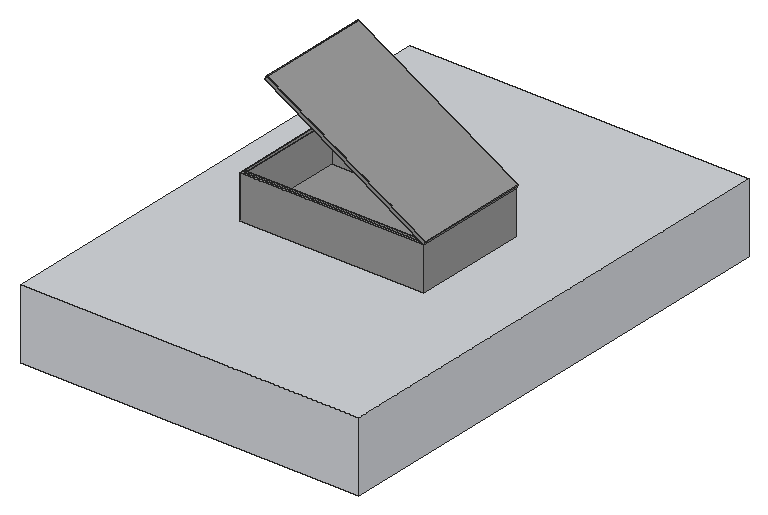
Revit family "Hager-Univers-IP44-D205-H500-Cl.II-Encl-ES-es", category Equipement électrique, Revit 2020
Family settings
  Hôte = Face
  Configuration du panneau = Deux colonnes, circuits au sein
  Cote de connecteur circulaire = Utiliser le diamètre
  Type d'élément = Tableau de raccordement
  Couper avec des vides une fois chargée = Non
  Partagée = Non
  Point de calcul de pièce = Non
Parameters (values of type "Montado superficial (escayola) IP44 A800 A500 P205  - FP33SN2")
  Width Control [instance] = if([EF000008 - Anchura] > Min Width, [EF000008 - Anchura], Min Width)  # 800 mm
  Commentaires du type = [HG000003 - Gama]  # "Univers"
  Thickness Door [instance] = if([EF009171 - Espesor puerta/tapa] > 3 mm, 3 mm, [EF009171 - Espesor puerta/tapa])  # 1 mm
  Seal Frame Offset [instance] = 17 mm  # constant formula
  Plinth Visibility [instance] = [HG000027 - Altura de zócalo] > 0 mm  # no
  Model = ""
  Min Width [instance] = 100 mm  # constant formula
  Min Height [instance] = 100 mm  # constant formula
  Min Depth [instance] = (2 * [EF009170 - Espesor del material de la caja]) + 1 mm  # 3 mm
  Internal Frame Depth [instance] = (Door System Depth * 0.5)  # 9 mm
  Height Control [instance] = if([EF000040 - Altura] > Min Height, [EF000040 - Altura], Min Height)  # 500 mm
  HG000027 - Altura de zócalo = 0 mm
  HG000026 - Instalación en suelo = no
  HG000024 - Altura de la sección inferior = 800 mm
  HG000023 - Caja de doble sección = no
  HG000016 - Visibilidad de la puerta 3D [instance] = yes
  HG000015 - Visibilidad a través de la puerta [instance] = no
  HG000014 - Puerta a la derecha [instance] = yes
  HG000013 - Puerta a la izquierda [instance] = not([HG000014 - Puerta a la derecha])  # no
  HG000012 - Ángulo de giro de la puerta [instance] = 30.00°
  HG000010 - Puertas asimétricas = no
  HG000009 - Puerta batiente doble = no
  HG000006 - Empotrado = no
  HG000004 - Referencia del fabricante = "FP33SN2"
  HG000003 - Gama = "Univers"
  HG000002 - Con puerta o tapa = yes
  Frame Offset Bottom [instance] = 10 mm  # constant formula
  Frame Offset [instance] = 15 mm  # constant formula
  EF015940 - Tapa con alivio de sobrepresión = no
  EF011959 - Grado de protección (NEMA) = ""
  EF009554 - Número de aberturas para placas-brida = 6
  Fabricant = "Hager"  # constant formula
  EF009212 - Versión de la cubierta = "EV000116 - Cerrado"
  EF009171 - Espesor puerta/tapa = 1 mm
  EF009170 - Espesor del material de la caja = 1 mm
  EF008873 - Corriente nominal (In) = 250 A
  EF007800 - Adecuado para la protección contra rayos = no
  EF006306 - Con cierre = no
  EF006244 - Tapa/puerta transparente = no
  EF005474 - Grado de protección (IP) = "EV006418 - IP44"
  EF004464 - Tipo de puerta = "EV002646 - Único"
  EF004427 - Número de módulos = 108
  EF004293 - Resistencia al impacto (IK) = "EV006815 - IK09"
  EF003532 - Adecuado para uso en exteriores = no
  EF002950 - Anchura de unidades de división = 36
  EF001613 - Integridad del circuito = "EV000494 - Ninguno"
  EF001596 - Material de la carcasa = "EV000179 - Acero"
  EF001131 - Profundidad interna = 143 mm
  EF001088 - Posibilidad de extensión = yes
  EF000437 - Número de entradas de conductos de cables = 6
  EF000339 - Tipo de cubierta = "EV001012 - Cubrir"
  EF000266 - Número de filas = 3
  EF000218 - Profundidad de instalación = 205 mm
  EF000118 - Con placa de montaje = no
  EF000116 - Número RAL = "9010"
  EF000049 - Profundidad = 205 mm
  EF000040 - Altura = 500 mm
  EF000008 - Anchura = 800 mm
  EF000007 - Color = "EV000202 - Blanco"
  EF000003 - Tipo de montaje = "EV000384 - Montado superficial (escayola)"
  Door System Leaf Tolerance [instance] = 1.5 mm  # constant formula
  Door System Depth [instance] = 18 mm  # constant formula
  Door Height [instance] = Height Control - [HG000027 - Altura de zócalo]  # 500 mm
  Depth Control [instance] = if([EF000049 - Profundidad] > Min Depth, [EF000049 - Profundidad], Min Depth)  # 205 mm
  Default Elevation = 0 mm
  Connector Offset [instance] = Height Control / 2  # 250 mm
  Bottom Top Plate Trim [instance] = 1.5 mm  # constant formula
  Plinth height Ctrl [instance] = if([HG000027 - Altura de zócalo] > 0 mm, [HG000027 - Altura de zócalo], 12 mm)  # 12 mm
Types (5, lengths in mm): name | Width Control | HG000010 - Puertas asimétricas | HG000009 - Puerta batiente doble | HG000004 - Referencia del fabricante | EF009554 - Número de aberturas para placas-brida | EF004464 - Tipo de puerta | EF004427 - Número de módulos | EF002950 - Anchura de unidades de división | EF000437 - Número de entradas de conductos de cables | EF000008 - Anchura
  Montado superficial (escayola) IP44 A1050 A500 P205  - FP34SN2 | 1050 | no | yes | "FP34SN2" | 8 | "EV003602 - Doble" | 144 | 48 | 8 | 1050
  Montado superficial (escayola) IP44 A1300 A500 P205  - FP35SN2 | 1300 | yes | yes | "FP35SN2" | 10 | "EV003602 - Doble" | 180 | 60 | 10 | 1300
  Montado superficial (escayola) IP44 A300 A500 P205  - FP31SN2 | 300 | no | no | "FP31SN2" | 2 | "EV002646 - Único" | 36 | 12 | 2 | 300
  Montado superficial (escayola) IP44 A550 A500 P205  - FP32SN2 | 550 | no | no | "FP32SN2" | 4 | "EV002646 - Único" | 72 | 24 | 4 | 550
  Montado superficial (escayola) IP44 A800 A500 P205  - FP33SN2 | 800 | no | no | "FP33SN2" | 6 | "EV002646 - Único" | 108 | 36 | 6 | 800
Reference planes
  plane 1 "Center (Front/Back)": y = 0
  plane 2: z = 0
  plane 3 "Center (Left/Right)": x = 0
  plane 4: z = 205
  plane 5: y = 1
  plane 6: y = 250
  plane 7: y = 0
  plane 8: y = 500
  plane 9: z = 0
  plane 10: x = -385
  plane 11: x = 385
  plane 12: x = 384
  plane 13: x = -384
  plane 14: y = 499
  plane 15: x = -383
  plane 16: x = -400
  plane 17: x = 383
  plane 18: x = 400
  plane 19: x = 399
  plane 20: x = -399
  plane 21: y = 11
  plane 22: y = 500
  plane 23: y = 484
  plane 24: z = 187
  plane 25: z = 1
  plane 26: z = 186
  plane 27: z = 204
Forms (mm)
  Extrusion 1, solid
    sketch origin (0, 0, 0) x (1, 0, 0) y (0, 1, 0)
      loop
        line (-702.964, 1305) -> (-702.964, -811.445) -> (766.763, -811.445) -> (766.763, 1305) -> (-702.964, 1305)
    from 0 to -304.8
  Extrusion 2, solid, material "Hager_Steel_RAL7035_Light_Grey", visible <- "Plinth Visibility", detail levels medium+fine
    sketch origin (0, 0, 0) x (1, 0, 0) y (0, 1, 0)
      loop
        line (-400, 0) -> (400, 0) -> (400, 12) -> (-400, 12) -> (-400, 0)
    from 0 to 187
  Extrusion 3, solid, material "Hager_Steel_RAL7035_Light_Grey", detail levels medium+fine
    sketch origin (0, 0, 0) x (1, 0, 0) y (0, 1, 0)
      loop
        line (-400, 0) -> (400, 0) -> (400, 500) -> (-400, 500) -> (-400, 0)
    from 0 to 187
  Extrusion 4, void
    sketch origin (0, 0, 0) x (1, 0, 0) y (0, 1, 0)
      loop
        line (-399, 1) -> (399, 1) -> (399, 499) -> (-399, 499) -> (-399, 1)
    from 1 to 186
  Extrusion 5, void
    sketch origin (-381.607, -4572, 187) x (0, -1, 0) y (-1, 0, 0)
      loop
        line (-4583, 2.393) -> (-5056, 2.393) -> (-5056, -765.607) -> (-4583, -765.607) -> (-4583, 2.393)
    from 0 to 1 <- "EF009170 - Espesor del material de la caja"
  Extrusion 6, solid, material "Hager_Steel_RAL7035_Light_Grey", detail levels fine
    sketch origin (0, 0, 187) x (1, 0, 0) y (0, 1, 0)
      loop
        line (-384, 484) -> (-384, 11) -> (384, 11) -> (384, 484) -> (-384, 484)
      loop
        line (-385, 10) -> (385, 10) -> (385, 485) -> (-385, 485) -> (-385, 10)
    from 0 to 9 <- "Internal Frame Depth"
  Extrusion 7, solid, material "Hager_Steel_RAL7035_Light_Grey", detail levels coarse
    sketch origin (0, 0, 0) x (1, 0, 0) y (0, 1, 0)
      loop
        line (-400, 0) -> (400, 0) -> (400, 500) -> (-400, 500) -> (-400, 0)
    from 0 to 205
  Sweep 8, void
    path in 3D
      loop
        line (-400, 12, 0) -> (400, 12, 0) -> (400, 12, 187) -> (-400, 12, 187) -> (-400, 12, 0)
    profile origin (-400, 12, 93.5) x (-1, 0, 0) y (0, -1, 0)
      loop
        line (0, 0) -> (0, 1.5) -> (-1.5, 1.5)
        arc (-1.5, 1.5) -> (-1.061, 0.439) -> (0, 0) r 1.5
Cuts and joins
  Extrusion 4, Extrusion 5 cuts Extrusion 3
  Sweep 8 cuts Extrusion 2
Lines and regions (mm)
  Masking region 1
    outline origin (0, 0, 0) x (1, 0, 0) y (0, 0, 1)
      loop
        line (-400, 205) -> (-400, 0) -> (400, 0) -> (400, 205) -> (-400, 205)
  Masking region 2, detail levels medium+fine
    outline origin (0, 140, 0) x (0, 1, 0) y (0, 0, 1)
      loop
        line (-140, 0) -> (360, 0) -> (360, 187) -> (-140, 187) -> (-140, 0)
  Masking region 3, not visible, detail levels medium+fine
    outline origin (0, 297.922, 0) x (0, 1, 0) y (0, 0, 1)
      loop
        line (-36.422, 0) -> (3.578, 0) -> (3.578, 194)
        arc (3.578, 194) -> (0.649, 201.071) -> (-6.422, 204) r 10
        line (-6.422, 204) -> (-36.422, 204) -> (-36.422, 0)
  Masking region 4, detail levels coarse
    outline origin (0, 0, 180) x (0, 1, 0) y (0, 0, 1)
      loop
        line (0, -180) -> (500, -180) -> (500, 25) -> (0, 25) -> (0, -180)
  Masking region 5, visible <- "Plinth Visibility", detail levels medium+fine
    outline origin (0, 52.24, 12.345) x (0, 0, -1) y (0, 1, 0)
      loop
        line (10.845, -40.24) -> (-173.155, -40.24)
        arc (-173.155, -40.24) -> (-173.594, -41.301) -> (-174.655, -41.74) r 1.5
        line (-174.655, -41.74) -> (-174.655, -52.24) -> (12.345, -52.24) -> (12.345, -41.74)
        arc (12.345, -41.74) -> (11.285, -41.301) -> (10.845, -40.24) r 1.5
  Masking region 6, detail levels medium+fine
    outline origin (-381.607, -4572, 187) x (-1, 0, 0) y (0, -1, 0)
      loop
        line (18.393, -5072) -> (18.393, -4572) -> (-781.607, -4572) -> (-781.607, -5072) -> (18.393, -5072)
  Masking region 7, visible <- "Plinth Visibility", detail levels medium+fine
    outline origin (-381.607, -4727, 187) x (-1, 0, 0) y (0, -1, 0)
      loop
        arc (16.893, -4739) -> (17.332, -4737.939) -> (18.393, -4737.5) r 1.5
        line (18.393, -4737.5) -> (18.393, -4727) -> (-781.607, -4727) -> (-781.607, -4737.5)
        arc (-781.607, -4737.5) -> (-780.546, -4737.939) -> (-780.107, -4739) r 1.5
        line (-780.107, -4739) -> (16.893, -4739)
  Masking region 8, detail levels coarse
    outline origin (-442.548, -4669.526, 187) x (-1, 0, 0) y (0, -1, 0)
      loop
        line (-42.548, -5169.526) -> (-42.548, -4669.526) -> (-842.548, -4669.526) -> (-842.548, -5169.526) -> (-42.548, -5169.526)
  sketch lines
    curve 1: line (-400, 12, 187) -> (-400, 12, 0)
    curve 2: line (400, 12, 187) -> (-400, 12, 187)
    curve 3: line (400, 12, 187) -> (400, 12, 0)
    curve 4: line (-400, 12, 0) -> (400, 12, 0)
Dimensions and locks
  "Depth Control": plane 4 to Extrusion 1
  "HG000027 - Altura de zócalo": plane 1 "Center (Front/Back)" to plane 7
  "EF009170 - Espesor del material de la caja": plane 5 to plane 7
  locked: connector elem to plane 3 "Center (Left/Right)"
  equal spacing: plane 8, plane 6, plane 7
  locked: connector elem to plane 6
  "EF009170 - Espesor del material de la caja": plane 8 to plane 14
  "EF009170 - Espesor del material de la caja": plane 10 to plane 13
  "EF009170 - Espesor del material de la caja": plane 12 to plane 11
  "Frame Offset": plane 20 to plane 13
  "Frame Offset": plane 12 to plane 19
  "EF009170 - Espesor del material de la caja": plane 16 to plane 20
  "EF009170 - Espesor del material de la caja": plane 19 to plane 18
  "Seal Frame Offset": plane 16 to plane 15
  "Seal Frame Offset": plane 17 to plane 18
  "Frame Offset Bottom": plane 21 to plane 5
  "Frame Offset": plane 14 to plane 23
  equal spacing: plane 16, plane 3 "Center (Left/Right)", plane 18
  "Width Control": plane 16 to plane 18
  "EF009170 - Espesor del material de la caja": plane 4 to plane 27
  "EF009170 - Espesor del material de la caja": plane 24 to plane 26
  "EF009170 - Espesor del material de la caja": plane 25 to level
  "Door System Depth": plane 4 to plane 24
  "Height Control": plane 1 "Center (Front/Back)" to Extrusion 7 sketch curve
  "Height Control": Masking region 4 sketch curve to plane 1 "Center (Front/Back)"
  "Height Control": plane 1 "Center (Front/Back)" to plane 22
  "Bottom Top Plate Trim": profile plane to Sweep 8 sketch curve
  "Bottom Top Plate Trim": Sweep 8 sketch curve to profile plane
  "Plinth height Ctrl": plane 1 "Center (Front/Back)" to Extrusion 2 sketch curve
  "Plinth height Ctrl": Masking region 5 sketch curve to plane 1 "Center (Front/Back)"
  "Plinth height Ctrl": plane 1 "Center (Front/Back)" to Masking region 7 sketch curve
  "Thickness Door": Extrusion 6 sketch curve to Extrusion 6 sketch curve  (x3)
  "Thickness Door": cut or joined group of Extrusion 3, Extrusion 4, Extrusion 5 to Extrusion 6 sketch curve
  radius of Masking region 3 sketch curve = 10 mm
  "Bottom Top Plate Trim": radius of Masking region 5 sketch curve  (x2)
  "Bottom Top Plate Trim": radius of Sweep 8 sketch curve
  "Bottom Top Plate Trim": radius of Masking region 7 sketch curve  (x2)
  aligned and locked: plane 2 to Extrusion 1
  aligned and locked: level to Extrusion 1
  aligned and locked: level to Masking region 1 sketch curve
  aligned and locked: Masking region 1 sketch curve to plane 18
  aligned and locked: Masking region 1 sketch curve to plane 16
  aligned and locked: plane 7 to Masking region 2 sketch curve
  aligned and locked: level to Masking region 3 sketch curve
  aligned and locked: Masking region 3 sketch curve to plane 27
  aligned and locked: level to Masking region 2 sketch curve
  aligned and locked: plane 1 "Center (Front/Back)" to Extrusion 2 sketch curve
  aligned and locked: Extrusion 3 sketch curve to plane 7
  aligned and locked: plane 16 to Extrusion 3 sketch curve
  aligned and locked: plane 18 to Extrusion 3 sketch curve
  aligned and locked: plane 20 to Extrusion 4 sketch curve
  aligned and locked: plane 19 to Extrusion 4 sketch curve
  aligned and locked: Extrusion 4 sketch curve to plane 5
  aligned and locked: Extrusion 4 to plane 25
  aligned and locked: plane 26 to Extrusion 4
  aligned and locked: plane 24 to Extrusion 3
  aligned and locked: Extrusion 5 sketch curve to plane 21
  aligned and locked: Extrusion 5 sketch curve to plane 13
  aligned and locked: Extrusion 5 sketch curve to plane 12
  aligned and locked: plane 18 to Extrusion 7 sketch curve
  aligned and locked: plane 1 "Center (Front/Back)" to Extrusion 7 sketch curve
  aligned and locked: plane 16 to Extrusion 7 sketch curve
  aligned and locked: plane 4 to Extrusion 7
  aligned and locked: Extrusion 7 to level
  aligned and locked: level to Masking region 4 sketch curve
  aligned and locked: Masking region 4 sketch curve to plane 1 "Center (Front/Back)"
  aligned and locked: Masking region 4 sketch curve to plane 4
  aligned and locked: nested 1 to level
  aligned and locked: nested 1 to plane 16
  aligned and locked: plane 8 to Extrusion 3 sketch curve
  aligned and locked: plane 23 to Extrusion 5 sketch curve
  aligned and locked: plane 14 to Extrusion 4 sketch curve
  aligned and locked: Masking region 2 sketch curve to plane 8
  aligned and locked: level to Masking region 5 sketch curve
  aligned and locked: plane 16 to Extrusion 2 sketch curve
  aligned and locked: plane 18 to Extrusion 2 sketch curve
  aligned and locked: Masking region 5 sketch curve to plane 24
  aligned and locked: Masking region 2 sketch curve to plane 24
  aligned and locked: plane 24 to Extrusion 2
  aligned and locked: profile plane to Sweep 8 sketch curve  (x2)
  aligned and locked: Masking region 6 sketch curve to plane 18
  aligned and locked: Masking region 6 sketch curve to plane 22
  aligned and locked: Masking region 6 sketch curve to plane 16
  aligned and locked: plane 8 to plane 22
  aligned and locked: Masking region 6 sketch curve to plane 7
  aligned and locked: Masking region 7 sketch curve to plane 16
  aligned and locked: Masking region 7 sketch curve to plane 1 "Center (Front/Back)"
  aligned and locked: Masking region 7 sketch curve to plane 18
  aligned and locked: Masking region 8 sketch curve to plane 1 "Center (Front/Back)"
  aligned and locked: Masking region 8 sketch curve to plane 18
  aligned and locked: Masking region 8 sketch curve to plane 22
  aligned and locked: Masking region 8 sketch curve to plane 16
  aligned and locked: nested 2 to plane 7
  aligned and locked: plane 3 "Center (Left/Right)" to nested 2
  aligned and locked: nested 2 to plane 24
  aligned and locked: Extrusion 6 sketch curve to cut or joined group of Extrusion 3, Extrusion 4, Extrusion 5  (x4)
Automatic sketch dimensions
  Extrusion 1 sketch curve to Extrusion 1 sketch curve = 1469.727 mm
  Extrusion 1 sketch curve to Extrusion 1 sketch curve = 2116.445 mm
  Masking region 1 sketch curve to plane 4 = 0 mm
  plane 6 to Masking region 3 sketch curve = 11.5 mm
  Masking region 3 sketch curve to Masking region 3 sketch curve = 30 mm
  Masking region 5 sketch curve to plane 1 "Center (Front/Back)" = 0 mm
Nested families
  nested 1: "Hager_Enclosure_Symbol" at (-400, 0, 0) x (1, 0, 0) z (0, -1, 0), Height <- "Depth Control", Width <- "Width Control", type "Hager_Enclosure_Symbol"
    with Width_Ctrl 800 mm, Width 800 mm, Height_Ctrl 205 mm, Height 205 mm, A_Width_Int 13.453 mm, A_Width 161.438 mm, A_Height_Ctrl 179.375 mm, A_Height 179.375 mm
  nested 2: "EC000058_Univers_Door" at (0, 0, 187) x (1, 0, 0) z (0, 1, 0), Leaf_Tolerance <- "Door System Leaf Tolerance", Angle <- "HG000012 - Ángulo de giro de la puerta", Door_Depth <- "Door System Depth", Door_Left <- "HG000013 - Puerta a la izquierda", Transparent <- "EF006244 - Tapa/puerta transparente", Assymetrical <- "HG000010 - Puertas asimétricas", Width <- "Width Control", Clearance <- "HG000015 - Visibilidad a través de la puerta", Double <- "HG000009 - Puerta batiente doble", 3d_Door <- "HG000016 - Visibilidad de la puerta 3D", Lock_Visibility <- "EF006306 - Con cierre", Width_Ctrl <- "Width Control", Door_Right <- "HG000014 - Puerta a la derecha", Door <- "HG000002 - Con puerta o tapa", Height <- "Door Height", Thickness <- "Thickness Door", type "EC000058_Univers_Door", detail levels medium+fine
    with min_wh 3 mm, Width_Ctrl 800 mm, Width 800 mm, Transparent no, Thickness 1 mm, Seal_Material Hager_Rubber, Lock_Visibility no, Lock_Material Hager_Plastic_RAL9005_Jet_Black, Leaf_Width 800 mm, Leaf_Tolerance_External_Sides 0 mm, Leaf_Tolerance 1.5 mm, Leaf_Offset 0 mm, Leaf_Height 497 mm, Leaf_2_Width 800 mm, Leaf_2_Offset 400 mm, Leaf_1_Width 800 mm, Leaf_1_Offset 400 mm, Height_Ctrl 500 mm, Height 500 mm, Glass_Material Hager_Glass, Double_Clearance_Ctrl no, Double no, Door_Right_Ctrl yes, Door_Right yes, Door_Material Hager_Steel_RAL7035_Light_Grey, Door_Left_Ctrl no, Door_Left no, Door_Depth 18 mm, Door yes, Clearance_Material Hager_Clearance, Clearance_Depth 800 mm, Clearance_Ctrl no, Clearance no, Assymetrical no, Angle 30.00°, 3d_Door yes
Connectors
  electrical at (0, 250, 0)
    settings: on plane 9, index 1, voltage 0 V, apparent load 0 VA, apparent load phase1 0 VA, apparent load phase2 0 VA, apparent load phase3 0 VA, power factor 1, load classification "Other", number of poles 1, system type 30, power factor state 1, is connector primary yes, connector utility no, sub classification motor no, connector description ""
Definition of nested family "EC000058_Univers_Door"
  Parameters (values of type "EC000058_Univers_Door")
    min_wh [instance] = (2 * Thickness) + 1 mm  # 11 mm
    Width_Ctrl [instance] = 400 mm
    Width [instance] = 500 mm
    Transparent [instance] = yes
    Thickness [instance] = 5 mm
    Seal_Material [instance] = none
    Lock_Visibility [instance] = yes
    Lock_Material [instance] = none
    Leaf_Width [instance] = if((Width_Ctrl - 2 * Leaf_Tolerance_External_Sides) > 0 mm, (Width_Ctrl - 2 * Leaf_Tolerance_External_Sides), min_wh)  # 400 mm
    Leaf_Tolerance_External_Sides [instance] = 0 mm  # constant formula
    Leaf_Tolerance [instance] = 1.5 mm
    Leaf_Offset [instance] = 0 mm  # constant formula
    Leaf_Height [instance] = if((Height_Ctrl - 2 * Leaf_Tolerance) > 0 mm, (Height_Ctrl - 2 * Leaf_Tolerance), min_wh)  # 497 mm
    Leaf_2_Width [instance] = if(and(and(Double, Assymetrical), Door_Left), (Leaf_Width / 3) - (Leaf_Tolerance / 2), if(and(and(Double, Assymetrical), Door_Right), (Leaf_Width / 3) * 2 - (Leaf_Tolerance / 2), if(and(Double, not(Assymetrical)), (Leaf_Width / 2) - Leaf_Tolerance, Leaf_Width)))  # 400 mm
    Leaf_2_Offset [instance] = if(and(Double, Assymetrical), Leaf_2_Width / 2, if(and(Double, not(Assymetrical)), Leaf_Width / 4, Leaf_Width / 2))  # 200 mm
    Leaf_1_Width [instance] = if(and(and(Double, Assymetrical), Door_Right), (Leaf_Width / 3) - (Leaf_Tolerance / 2), if(and(and(Double, Assymetrical), Door_Left), (Width / 3) * 2 - (Leaf_Tolerance / 2), if(and(Double, not(Assymetrical)), (Leaf_Width / 2) - Leaf_Tolerance, Leaf_Width)))  # 400 mm
    Leaf_1_Offset [instance] = if(and(Double, Assymetrical), Leaf_1_Width / 2, if(and(Double, not(Assymetrical)), Leaf_Width / 4, Leaf_Width / 2))  # 200 mm
    Height_Ctrl [instance] = if(Height > min_wh, Height, min_wh)  # 500 mm
    Height [instance] = 500 mm
    Glass_Material [instance] = none
    Double_Clearance_Ctrl [instance] = and(Double, Clearance)  # no
    Double [instance] = no
    Door_Right_Ctrl [instance] = and(or(Door_Right, Double), Door)  # yes
    Door_Right [instance] = yes
    Door_Material [instance] = none
    Door_Left_Ctrl [instance] = and(or(Door_Left, Double), Door)  # no
    Door_Left [instance] = no
    Door_Depth [instance] = 30 mm
    Door [instance] = yes
    Default Elevation = 1219.2 mm
    Clearance_Material [instance] = none
    Clearance_Depth [instance] = if(Leaf_1_Width > Leaf_2_Width, Leaf_1_Width, Leaf_2_Width)  # 400 mm
    Clearance_Ctrl [instance] = and(not(Double), Clearance)  # yes
    Clearance [instance] = yes
    Assymetrical [instance] = yes
    Angle [instance] = 30.00°
    3d_Door [instance] = yes
  Reference planes
    plane 1 "Center (Front/Back)": y = 0
    plane 2 "Bottom": z = 0
    plane 3 "Center (Left/Right)": x = 0
    plane 4: z = 500
    plane 5: x = -200
    plane 6: x = 200
    plane 7: z = 500
    plane 8: x = -200
    plane 9: z = 0
    plane 10: x = 200
    plane 11: y = 0
    plane 12: z = 1.5
    plane 13: x = -600
    plane 14: y = -400
    plane 15: x = 600
    plane 16: x = 0
    plane 17: x = 0
    plane 18: x = -200
    plane 19: x = 200
    plane 20: z = 498.5
  Forms (mm)
    Extrusion 1, solid, material <- "Clearance_Material", visible <- "Double_Clearance_Ctrl"
      sketch origin (1200, 0, 0) x (1, 0, 0) y (0, 0, -1)
        loop
          line (-1800, -498.5) -> (-600, -498.5) -> (-600, 0) -> (-1800, 0) -> (-1800, -498.5)
      from 0 to -400
  Dimensions and locks
    equal spacing: plane 5, plane 3 "Center (Left/Right)", plane 6
    "Width_Ctrl": plane 5 to plane 6
    "Leaf_Offset": plane 5 to plane 8
    "Leaf_Offset": plane 6 to plane 10
    "Leaf_Offset": plane 9 to level
    "Leaf_Offset": plane 4 to plane 7
    "Height_Ctrl": plane 4 to level
    "Leaf_Tolerance": plane 12 to plane 9
    locked: plane 11 to plane 1 "Center (Front/Back)"
    "Leaf_1_Offset": plane 18 to plane 16
    "Leaf_2_Offset": plane 17 to plane 19
    "Leaf_1_Width": plane 13 to plane 8
    "Leaf_2_Width": plane 10 to plane 15
    "Clearance_Depth": plane 14 to plane 1 "Center (Front/Back)"
    "Leaf_Tolerance_External_Sides": plane 8 to plane 18
    "Leaf_Tolerance_External_Sides": plane 19 to plane 10
    "Leaf_Tolerance": plane 7 to plane 20
    aligned and locked: level to plane 2 "Bottom"
    aligned and locked: nested 1 to plane 16
    aligned and locked: nested 2 to plane 17
    aligned and locked: Extrusion 1 to plane 13
    aligned and locked: plane 15 to Extrusion 1
    aligned and locked: Extrusion 1 to plane 14
    aligned and locked: plane 12 to nested 1
    aligned and locked: nested 2 to plane 12
    aligned and locked: Extrusion 1 to plane 11
    aligned and locked: plane 20 to Extrusion 1
    aligned and locked: nested 2 to plane 11
    aligned and locked: nested 1 to plane 11
  Automatic sketch dimensions
    Extrusion 1 sketch curve to level = 0 mm
    plane 5 to Extrusion 1 sketch curve = 400 mm
    plane 6 to Extrusion 1 sketch curve = 400 mm
    Extrusion 1 sketch curve to plane 4 = 1.5 mm
  Nested families
    nested 1: "EC000058_Univers_Door_Leaf" at (0, 0, 1.5), Width <- "Leaf_1_Width", visible <- "Door_Left_Ctrl", Leaf_Height <- "Leaf_Height", Angle <- "Angle", 3d_Door <- "3d_Door", Transparent <- "Transparent", Clearance Material <- "Clearance_Material", Clearance <- "Clearance_Ctrl", Door_Material <- "Door_Material", Glass_Material <- "Glass_Material", Door_Depth <- "Door_Depth", Lock_Material <- "Lock_Material", Seal_Material <- "Seal_Material", Lock_Visibility <- "Lock_Visibility", Thickness <- "Thickness", type "EC000058_Univers_Door_Leaf"
      with Width 400 mm, Transparent_Glass_Offset 30 mm, Transparent_Ctrl yes, Transparent yes, Thickness 5 mm, Standard no, Seal_Material none, Seal_D2 8 mm, Seal_D1 1 mm, Offset_Internal_Frame 10 mm, Lock_Width 20 mm, Lock_Visibility_3d yes, Lock_Visibility yes, Lock_Thickness_3 3 mm, Lock_Thickness_2 1 mm, Lock_Thickness_1 3 mm, Lock_Radius_Offset_2 16 mm, Lock_Radius_Offset_1 15 mm, Lock_Radius_2 5 mm, Lock_Radius 6 mm, Lock_Offset 5 mm, Lock_Material none, Lock_Height 80 mm, Lock_Cover_Top_Offset_2d 17 mm, Lock_Cover_Height -65 mm, Leaf_Height 497 mm, Internal_Seal_Thickness 8 mm, Internal_Seal_Depth_2 4.5 mm, Internal_Frame_Depth 25 mm, Glass_Thickness -1 mm, Glass_Offset -2 mm, Glass_Material none, Door_Material none, Door_Depth 30 mm, Clearance Material none, Clearance yes, Angle_Ctrl 30.00°, Angle 30.00°, 3d_Door yes
    nested 2: "EC000058_Univers_Door_Leaf" at (0, 0, 1.5) x (-1, 0, 0) z (0, 0, 1), Width <- "Leaf_2_Width", visible <- "Door_Right_Ctrl", Leaf_Height <- "Leaf_Height", Angle <- "Angle", 3d_Door <- "3d_Door", Transparent <- "Transparent", Clearance Material <- "Clearance_Material", Clearance <- "Clearance_Ctrl", Door_Material <- "Door_Material", Glass_Material <- "Glass_Material", Door_Depth <- "Door_Depth", Lock_Material <- "Lock_Material", Seal_Material <- "Seal_Material", Lock_Visibility <- "Lock_Visibility", Thickness <- "Thickness", type "EC000058_Univers_Door_Leaf"
      with Width 400 mm, Transparent_Glass_Offset 30 mm, Transparent_Ctrl yes, Transparent yes, Thickness 5 mm, Standard no, Seal_Material none, Seal_D2 8 mm, Seal_D1 1 mm, Offset_Internal_Frame 10 mm, Lock_Width 20 mm, Lock_Visibility_3d yes, Lock_Visibility yes, Lock_Thickness_3 3 mm, Lock_Thickness_2 1 mm, Lock_Thickness_1 3 mm, Lock_Radius_Offset_2 16 mm, Lock_Radius_Offset_1 15 mm, Lock_Radius_2 5 mm, Lock_Radius 6 mm, Lock_Offset 5 mm, Lock_Material none, Lock_Height 80 mm, Lock_Cover_Top_Offset_2d 17 mm, Lock_Cover_Height -65 mm, Leaf_Height 497 mm, Internal_Seal_Thickness 8 mm, Internal_Seal_Depth_2 4.5 mm, Internal_Frame_Depth 25 mm, Glass_Thickness -1 mm, Glass_Offset -2 mm, Glass_Material none, Door_Material none, Door_Depth 30 mm, Clearance Material none, Clearance yes, Angle_Ctrl 30.00°, Angle 30.00°, 3d_Door yes
  Definition of nested family "EC000058_Univers_Door_Leaf"
    Parameters (values of type "EC000058_Univers_Door_Leaf")
      Width [instance] = 2000 mm
      Transparent_Glass_Offset [instance] = 30 mm
      Transparent_Ctrl [instance] = and(Transparent, [3d_Door])  # yes
      Transparent [instance] = yes
      Thickness [instance] = 5 mm
      Standard [instance] = and(not(Transparent), [3d_Door])  # no
      Seal_Material [instance] = none
      Seal_D2 [instance] = 8 mm  # constant formula
      Seal_D1 [instance] = 1 mm  # constant formula
      Offset_Internal_Frame [instance] = 10 mm  # constant formula
      Lock_Width [instance] = 20 mm  # constant formula
      Lock_Visibility_3d [instance] = and(Lock_Visibility, [3d_Door])  # yes
      Lock_Visibility [instance] = yes
      Lock_Thickness_3 [instance] = 3 mm  # constant formula
      Lock_Thickness_2 [instance] = 1 mm  # constant formula
      Lock_Thickness_1 [instance] = 3 mm  # constant formula
      Lock_Radius_Offset_2 [instance] = Lock_Radius_Offset_1 + 1 mm  # 16 mm
      Lock_Radius_Offset_1 [instance] = 15 mm  # constant formula
      Lock_Radius_2 [instance] = Lock_Radius - 1 mm  # 5 mm
      Lock_Radius [instance] = 6 mm  # constant formula
      Lock_Offset [instance] = 5 mm  # constant formula
      Lock_Material [instance] = none
      Lock_Height [instance] = 80 mm  # constant formula
      Lock_Cover_Top_Offset_2d [instance] = Lock_Radius_Offset_2 + 1 mm  # 17 mm
      Lock_Cover_Height [instance] = -(Lock_Height - Lock_Radius_Offset_1)  # -65 mm
      Leaf_Height [instance] = 2720.336 mm
      Internal_Seal_Thickness [instance] = 8 mm  # constant formula
      Internal_Seal_Depth_2 [instance] = 4.5 mm  # constant formula
      Internal_Frame_Depth [instance] = if(Door_Depth - Thickness > 5 mm, Door_Depth - Thickness, 5 mm)  # 25 mm
      Glass_Thickness [instance] = if(Thickness > 15 mm, Glass_Offset + 10 mm, -1 mm)  # -1 mm
      Glass_Offset [instance] = if(Thickness > 15 mm, -(Thickness + 10 mm) / 2, -2 mm)  # -2 mm
      Glass_Material [instance] = none
      Door_Material [instance] = none
      Door_Depth [instance] = 30 mm
      Default Elevation = 0 mm
      Clearance Material [instance] = none
      Clearance [instance] = yes
      Angle_Ctrl [instance] = if(Angle > 180.00°, 180.00°, Angle)  # 90.00°
      Angle [instance] = 90.00°
      3d_Door [instance] = yes
    Reference planes
      plane 1 "Center (Front/Back)": y = 0
      plane 2: z = 0
      plane 3 "Center (Left/Right)": x = 0
      plane 4: y = 2000
      plane 5: x = -1000
      plane 6: x = 1000
      plane 7: x = -3000
      plane 8: z = 2720.336
      plane 9: z = 30
      plane 10: z = 2690.336
      plane 11: x = 970
      plane 12: x = -970
      plane 13: y = -3
      plane 14: z = 107.833
      plane 15: y = -5
      plane 16: y = -223.314
      plane 17: x = -1000
      plane 18: z = 1360.168
      plane 19: y = 30
    Forms (mm)
      Extrusion 1, solid, material <- "Clearance Material", visible <- "Clearance"
        sketch origin (0, 0, 0) x (1, 0, 0) y (0, 0, 1)
          loop
            line (-3000, 2720.336) -> (-3000, 0) -> (1000, 0) -> (1000, 2720.336) -> (-3000, 2720.336)
        from 0 to -2000
      Extrusion 2, solid, material <- "Door_Material", visible <- "Standard", detail levels medium+fine
        sketch origin (-1000, 0, 0) x (0, 1, 0) y (-1, 0, 0)
          loop
            line (0, 30) -> (0, 25) -> (2000, 25) -> (2000, 30) -> (0, 30)
        from 0 to 2720.336 <- "Leaf_Height"
      Extrusion 3, solid, material <- "Door_Material", visible <- "Transparent_Ctrl", detail levels medium+fine
        sketch origin (-1000, 0, 0) x (0, 1, 0) y (-1, 0, 0)
          loop
            line (0, 25) -> (2000, 25) -> (2000, 30) -> (0, 30) -> (0, 25)
        from 0 to 2720.336 <- "Leaf_Height"
      Extrusion 4, void
        sketch origin (-1025, 2000, 0) x (0, 1, 0) y (0, 0, -1)
          loop
            line (-30, -2690.336) -> (-30, -30) -> (-1970, -30) -> (-1970, -2690.336) -> (-30, -2690.336)
        from 0 to 5 <- "Thickness"
      Sweep 5, solid, material <- "Seal_Material", visible <- "Transparent_Ctrl", detail levels fine
        path in 3D
          loop
            line (-1025, 30, 30) -> (-1025, 30, 2690.336) -> (-1025, 1970, 2690.336) -> (-1025, 1970, 30) -> (-1025, 30, 30)
        profile origin (-1025, 1000, 30) x (1, 0, 0) y (0, 0, 1)
          loop
            line (0, 0) -> (0, -8) -> (1, -8) -> (1, 0) -> (0, 0)
      Extrusion 6, solid, material <- "Glass_Material", visible <- "Transparent_Ctrl", detail levels medium+fine
        sketch origin (-1030, 0, 0) x (0, 1, 0) y (0, 0, -1)
          loop
            line (1970, -2690.336) -> (1970, -30) -> (30, -30) -> (30, -2690.336) -> (1970, -2690.336)
        from -2 <- "Glass_Offset" to -1 <- "Glass_Thickness"
      Extrusion 7, solid, material <- "Door_Material", visible <- "3d_Door", detail levels medium+fine
        sketch origin (-1025, 2000, 0) x (0, -1, 0) y (0, 0, -1)
          loop
            line (0, -2720.336) -> (2000, -2720.336) -> (2000, 0) -> (0, 0) -> (0, -2720.336)
          loop
            line (1995, -5) -> (5, -5) -> (5, -2715.336) -> (1995, -2715.336) -> (1995, -5)
        from 0 to 25 <- "Internal_Frame_Depth"
      Sweep 8, solid, material <- "Seal_Material", visible <- "Transparent_Ctrl", detail levels fine
        path in 3D
          loop
            line (-1025, 0, 0) -> (-1025, 2000, 0) -> (-1025, 2000, 2720.336) -> (-1025, 0, 2720.336) -> (-1025, 0, 0)
        profile origin (-1025, 0, 1360.168) x (1, 0, 0) y (0, 1, 0)
          loop
            line (0, 10) -> (2.975, 10)
            arc (2.975, 10) -> (4.053, 10.447) -> (4.5, 11.525) r 1.525
            line (4.5, 11.525) -> (4.5, 16.527)
            arc (4.5, 16.527) -> (4.069, 17.569) -> (3.027, 18) r 1.473
            line (3.027, 18) -> (0, 18) -> (0, 10)
      Extrusion 9, solid, material <- "Lock_Material", visible <- "Lock_Visibility_3d", detail levels fine
        sketch origin (-1030, 0, 0) x (0, 1, 0) y (0, 0, -1)
          loop
            arc (1993.5, -1400.168) -> (1994.561, -1399.729) -> (1995, -1398.668) r 1.5
            line (1995, -1398.668) -> (1995, -1320.168) -> (1975, -1320.168) -> (1975, -1398.668)
            arc (1975, -1398.668) -> (1975.439, -1399.729) -> (1976.5, -1400.168) r 1.5
            line (1976.5, -1400.168) -> (1993.5, -1400.168)
        from 3 <- "Lock_Thickness_1" to 0
      Blend 10, solid, material <- "Lock_Material", visible <- "Lock_Visibility_3d", detail levels fine
        base sketch origin (-1033, 0, 0) x (0, 1, 0) y (0, 0, -1)
          loop
            line (1975, -1320.168) -> (1975, -1398.668)
            arc (1975, -1398.668) -> (1975.439, -1399.729) -> (1976.5, -1400.168) r 1.5
            line (1976.5, -1400.168) -> (1993.5, -1400.168)
            arc (1993.5, -1400.168) -> (1994.561, -1399.729) -> (1995, -1398.668) r 1.5
            line (1995, -1398.668) -> (1995, -1320.168) -> (1975, -1320.168)
        top sketch origin (-1033, 0, 0) x (0, 1, 0) y (0, 0, -1)
          loop
            line (1976, -1320.168) -> (1976, -1398.668)
            arc (1976, -1398.668) -> (1976.146, -1399.022) -> (1976.5, -1399.168) r 0.5
            line (1976.5, -1399.168) -> (1993.5, -1399.168)
            arc (1993.5, -1399.168) -> (1993.854, -1399.022) -> (1994, -1398.668) r 0.5
            line (1994, -1398.668) -> (1994, -1320.168) -> (1976, -1320.168)
        from 0 to 1 <- "Lock_Thickness_2"
      Blend 11, solid, material <- "Lock_Material", visible <- "Lock_Visibility_3d", detail levels fine
        base sketch origin (-1034, 0, 0) x (0, 1, 0) y (0, 0, -1)
          loop
            line (1978, -1320.168) -> (1978, -1384.168)
            arc (1978, -1384.168) -> (1985, -1391.168) -> (1992, -1384.168) r 7
            line (1992, -1384.168) -> (1992, -1320.168) -> (1978, -1320.168)
        top sketch origin (-1034, 0, 0) x (0, 1, 0) y (0, 0, -1)
          loop
            line (1991, -1320.168) -> (1979, -1320.168) -> (1979, -1383.168)
            arc (1979, -1383.168) -> (1985, -1389.168) -> (1991, -1383.168) r 6
            line (1991, -1383.168) -> (1991, -1320.168)
        from 0 to 3 <- "Lock_Thickness_3"
      Extrusion 12, solid, material <- "Lock_Material", visible <- "Lock_Visibility_3d", detail levels fine
        sketch origin (-1030, 1975, 1320.168) x (1, 0, 0) y (0, -1, 0)
          loop
            line (-7, -19) -> (-7, -1) -> (0, -1) -> (0, 0) -> (-8, 0) -> (-8, -20) -> (0, -20) -> (0, -19) -> (-7, -19)
        from 0 to -65 <- "Lock_Cover_Height"
      Extrusion 13, void
        sketch origin (-1038, 1995, 1320.168) x (-1, 0, 0) y (0, 0, -1)
          loop
            line (-5, -65) -> (0, -65) -> (-5, -60) -> (-5, -65)
        from 0 to 20 <- "Lock_Width"
      Extrusion 14, void
        sketch origin (-1038, 1975, 1320.168) x (0, -1, 0) y (0, 0, -1)
          loop
            circle (-10, -15.995) r 6
          loop
            circle (-10, -15.995) r 5
        from 0 to 2
      Extrusion 15, solid, material <- "Lock_Material", visible <- "Lock_Visibility_3d", detail levels medium
        sketch origin (-1030, 0, 0) x (0, 1, 0) y (0, 0, -1)
          loop
            arc (1993.5, -1400.168) -> (1994.561, -1399.729) -> (1995, -1398.668) r 1.5
            line (1995, -1398.668) -> (1995, -1320.168) -> (1975, -1320.168) -> (1975, -1398.668)
            arc (1975, -1398.668) -> (1975.439, -1399.729) -> (1976.5, -1400.168) r 1.5
            line (1976.5, -1400.168) -> (1993.5, -1400.168)
        from 8 to 0
    Cuts and joins
      Extrusion 4 cuts Extrusion 3
      Extrusion 13, Extrusion 14 cuts Extrusion 9
      Extrusion 14 cuts Blend 11
      Extrusion 13, Extrusion 14 cuts Extrusion 12
      joined: Extrusion 9, Blend 10, Blend 11, Extrusion 12
      Extrusion 14 cuts Extrusion 15
    Lines and regions (mm)
      Masking region 1, visible <- "Lock_Visibility", detail levels fine
        outline origin (0, 0, 0) x (0, 1, 0) y (0, 0, 1)
          loop
            line (30, 1320.168) -> (33, 1320.168) -> (33, 1400.168) -> (30, 1400.168) -> (30, 1320.168)
      Masking region 2, visible <- "Lock_Visibility", detail levels fine
        outline origin (0, 3.143, 0) x (0, 1, 0) y (0, 0, 1)
          loop
            line (29.857, 1354.168) -> (30.857, 1354.168) -> (30.857, 1366.168) -> (29.857, 1366.168) -> (29.857, 1354.168)
      Masking region 3, detail levels medium+fine
        outline origin (0, 0, 0) x (0, 1, 0) y (0, 0, 1)
          loop
            line (0, 0) -> (30, 0) -> (30, 2720.336) -> (0, 2720.336) -> (0, 0)
      Masking region 4, detail levels medium+fine
        outline origin (0, 0, 0) x (1, 0, 0) y (0, 0, 1)
          loop
            line (-1000, 2720.336) -> (-1000, 0) -> (1000, 0) -> (1000, 2720.336) -> (-1000, 2720.336)
      Masking region 5, visible <- "Lock_Visibility", detail levels fine
        outline origin (-47.116, 0, 0) x (1, 0, 0) y (0, 0, 1)
          loop
            arc (1024.616, 1399.168) -> (1023.556, 1398.729) -> (1023.116, 1397.668) r 1.5
            line (1023.116, 1397.668) -> (1023.116, 1320.168) -> (1041.116, 1320.168) -> (1041.116, 1397.668)
            arc (1041.116, 1397.668) -> (1040.677, 1398.729) -> (1039.616, 1399.168) r 1.5
            line (1039.616, 1399.168) -> (1024.616, 1399.168)
      Masking region 6, visible <- "Lock_Visibility", detail levels medium+fine
        outline origin (-25, 0, 0) x (1, 0, 0) y (0, 0, 1)
          loop
            arc (1001.5, 1400.168) -> (1000.439, 1399.729) -> (1000, 1398.668) r 1.5
            line (1000, 1398.668) -> (1000, 1320.168) -> (1020, 1320.168) -> (1020, 1398.668)
            arc (1020, 1398.668) -> (1019.561, 1399.729) -> (1018.5, 1400.168) r 1.5
            line (1018.5, 1400.168) -> (1001.5, 1400.168)
      Masking region 7, visible <- "Lock_Visibility", detail levels fine
        outline origin (-73.735, 0, 0) x (1, 0, 0) y (0, 0, 1)
          loop
            line (1051.735, 1382.168) -> (1065.735, 1382.168) -> (1065.735, 1384.168)
            arc (1065.735, 1384.168) -> (1058.735, 1391.168) -> (1051.735, 1384.168) r 7
            line (1051.735, 1384.168) -> (1051.735, 1382.168)
      Masking region 8, visible <- "Lock_Visibility", detail levels fine
        outline origin (-73.735, 0, 0) x (1, 0, 0) y (0, 0, 1)
          loop
            line (1052.735, 1382.168) -> (1064.735, 1382.168) -> (1064.735, 1383.168)
            arc (1064.735, 1383.168) -> (1058.735, 1389.168) -> (1052.735, 1383.168) r 6
            line (1052.735, 1383.168) -> (1052.735, 1382.168)
      Masking region 9, visible <- "Lock_Visibility", detail levels fine
        outline origin (-25, 0, 0) x (1, 0, 0) y (0, 0, 1)
          loop
            line (1020, 1320.168) -> (1020, 1382.168) -> (1000, 1382.168) -> (1000, 1320.168) -> (1020, 1320.168)
      Masking region 10, detail levels medium+fine
        outline origin (0, 0, 0) x (1, 0, 0) y (0, 0, 1)
          loop
            circle (985, 1335.144) r 6
      Masking region 11, detail levels fine
        outline origin (0, 0, 0) x (1, 0, 0) y (0, 0, 1)
          loop
            circle (985, 1335.144) r 5
      Masking region 12, visible <- "Lock_Visibility", detail levels fine
        outline origin (0, 12.767, 0) x (0, 1, 0) y (0, 0, 1)
          loop
            line (20.233, 1320.168) -> (21.233, 1320.168) -> (21.233, 1399.168) -> (20.233, 1400.168) -> (20.233, 1320.168)
      Masking region 13, visible <- "Lock_Visibility", detail levels fine
        outline origin (0, 13.767, -10) x (0, 1, 0) y (0, 0, 1)
          loop
            line (20.233, 1330.168) -> (23.233, 1330.168) -> (23.233, 1399.168) -> (20.233, 1402.168) -> (20.233, 1330.168)
      Masking region 14, visible <- "Lock_Visibility", detail levels fine
        outline origin (0, 12.767, -10) x (0, 1, 0) y (0, 0, 1)
          loop
            line (20.233, 1330.168) -> (25.233, 1330.168) -> (25.233, 1399.305) -> (20.233, 1394.305) -> (20.233, 1330.168)
      Masking region 15, visible <- "Lock_Visibility", detail levels medium
        outline origin (0, 0, 0) x (0, 1, 0) y (0, 0, 1)
          loop
            line (30, 1320.168) -> (38, 1320.168) -> (38, 1400.168) -> (30, 1400.168) -> (30, 1320.168)
      Masking region 16, visible <- "Lock_Visibility", detail levels fine
        outline origin (-1000, 0, 0) x (0, 1, 0) y (-1, 0, 0)
          loop
            line (1975, 30) -> (1995, 30) -> (1995, 38) -> (1975, 38) -> (1975, 30)
          loop
            line (1979, 37) -> (1976, 37) -> (1976, 34) -> (1978, 34) -> (1979, 37)
          loop
            line (1994, 37) -> (1991, 37) -> (1992, 34) -> (1994, 34) -> (1994, 37)
      Masking region 17, visible <- "Lock_Visibility", detail levels medium
        outline origin (-1000, 0, 0) x (0, 1, 0) y (-1, 0, 0)
          loop
            line (1975, 30) -> (1995, 30) -> (1995, 38) -> (1975, 38) -> (1975, 30)
      symbolic lines
        curve 1: line (1000, 0, 0) -> (-3000, 0, 0)
        curve 2: arc (1000, 0, 0) -> (-1000, 2000, 0) -> (-3000, 0, 0) r 2000
        curve 4: line (-1030, 0, 0) -> (-1030, 2000, 0)
      reference lines
        curve 3: line (-1000, 0, 0) -> (-1000, 2000, 0)
      symbolic lines, detail levels medium+fine
        curve 5: line (-1030, 2000, 0) -> (-1025, 2000, 0)
        curve 7: line (-1025, 0, 0) -> (-1030, 0, 0)
        curve 8: line (-1025, 0, 0) -> (-1000, 0, 0)
        curve 9: line (-1000, 0, 0) -> (-1000, 2000, 0)
        curve 10: line (-1000, 2000, 0) -> (-1025, 2000, 0)
      symbolic lines, detail levels fine
        curve 6: line (-1025, 2000, 0) -> (-1025, 0, 0)
      sketch lines
        curve 11: line (-1025, 0, 2720.336) -> (-1025, 0, 0)
        curve 12: line (-1025, 2000, 0) -> (-1025, 0, 0)
        curve 13: line (-1025, 2000, 2720.336) -> (-1025, 2000, 0)
        curve 14: line (-1025, 0, 2720.336) -> (-1025, 2000, 2720.336)
        curve 15: line (-1025, 1970, 30) -> (-1025, 30, 30)
        curve 16: line (-1025, 30, 30) -> (-1025, 30, 2690.336)
        curve 17: line (-1025, 1970, 2690.336) -> (-1025, 1970, 30)
        curve 18: line (-1025, 30, 2690.336) -> (-1025, 1970, 2690.336)
      symbolic lines, visible <- "Transparent", detail levels medium+fine
        curve 19: line (-970, 0, 2690.336) -> (970, 0, 2690.336)
        curve 20: line (-970, 0, 30) -> (-970, 0, 2690.336)
        curve 21: line (970, 0, 30) -> (-970, 0, 30)
        curve 22: line (970, 0, 2690.336) -> (970, 0, 30)
    Dimensions and locks
      "Width": plane 1 "Center (Front/Back)" to plane 4
      equal spacing: plane 5, plane 3 "Center (Left/Right)", plane 6
      "Width": plane 5 to plane 6
      "Width": plane 7 to plane 5
      "Leaf_Height": plane 8 to level
      "Width": curve 5 to curve 3
      "Width": curve 3 to curve 3
      plane 8 to plane 10 = 30 mm
      plane 9 to level = 30 mm
      plane 12 to plane 5 = 30 mm
      plane 6 to plane 11 = 30 mm
      Extrusion 1 to Extrusion 4 sketch curve = 30 mm
      "Transparent_Glass_Offset": curve 3 to Extrusion 4 sketch curve
      "Transparent_Glass_Offset": Extrusion 4 sketch curve to cut or joined group of Extrusion 3, Extrusion 4  (x2)
      cut or joined group of Extrusion 3, Extrusion 4 to Extrusion 6 sketch curve = 30 mm
      "Transparent_Glass_Offset": cut or joined group of Extrusion 3, Extrusion 4 to Extrusion 4 sketch curve
      "Thickness": curve 6 to curve 4
      "Thickness": Extrusion 7 sketch curve to Extrusion 7 sketch curve  (x4)
      "Door_Depth": curve 4 to curve 3
      "Offset_Internal_Frame": profile plane to Sweep 8 sketch curve
      "Internal_Seal_Thickness": Sweep 8 sketch curve to Sweep 8 sketch curve
      "Internal_Seal_Depth_2": profile plane to Sweep 8 sketch curve
      "Seal_D1": profile plane to Sweep 5 sketch curve
      "Seal_D2": profile plane to Sweep 5 sketch curve
      "Thickness": Extrusion 2 sketch curve to Extrusion 2 sketch curve
      equal spacing: Extrusion 9 sketch curve, plane 18, Extrusion 9 sketch curve  (x2)
      equal spacing: Masking region 1 sketch curve, plane 18, Masking region 1 sketch curve
      "Lock_Height": Masking region 1 sketch curve to Masking region 1 sketch curve
      "Lock_Radius": Masking region 2 sketch curve to plane 18 to Masking region 2 sketch curve
      Masking region 2 sketch curve to Masking region 1 = 1 mm
      "Door_Depth": plane 19 to plane 1 "Center (Front/Back)"
      "Lock_Thickness_1": Masking region 1 sketch curve to plane 19
      "Lock_Width": Extrusion 9 sketch curve to Extrusion 9 sketch curve
      "Lock_Height": Extrusion 9 sketch curve to Extrusion 9 sketch curve
      "Lock_Offset": cut or joined group of Extrusion 3, Extrusion 4 to Extrusion 9 sketch curve
      equal spacing: plane 8, plane 18, level
      "Lock_Radius_Offset_1": Blend 11 sketch curve to Blend 10
      locked: Blend 10 to Blend 11 sketch curve at 2  (x2)
      locked: var sketch to Blend 11 sketch curve at 1  (x2)
      "Lock_Radius_Offset_2": Blend 11 sketch curve to Blend 10
      locked: Extrusion 12 sketch curve to Extrusion 12 sketch curve at 1  (x3)
      Masking region 6 sketch curve to Masking region 6 sketch curve = 80 mm
      "Lock_Height": Masking region 6 sketch curve to Masking region 6 sketch curve
      "Lock_Width": Masking region 6 sketch curve to Masking region 6 sketch curve
      locked: Masking region 6 to Masking region 5 sketch curve at 1  (x3)
      locked: Masking region 5 to Masking region 7 sketch curve at 2  (x2)
      "Lock_Radius_Offset_1": Masking region 5 to Masking region 7 sketch curve
      "Lock_Radius_Offset_2": Masking region 5 to Masking region 8 sketch curve
      locked: Masking region 7 to Masking region 8 sketch curve at 1  (x2)
      "Lock_Cover_Top_Offset_2d": Masking region 5 to Masking region 9 sketch curve
      equal spacing: Masking region 9, Masking region 10 sketch curve, Masking region 9
      equal spacing: Masking region 9, Masking region 11 sketch curve, Masking region 9
      Extrusion 15 sketch curve to Extrusion 15 sketch curve = 80 mm
      "Lock_Width": Extrusion 15 sketch curve to Extrusion 15 sketch curve
      "Lock_Height": Extrusion 15 sketch curve to Extrusion 15 sketch curve
      equal spacing: Extrusion 15 sketch curve, plane 18, Extrusion 15 sketch curve
      "Lock_Thickness_3": Masking region 13 sketch curve to Masking region 13 sketch curve
      "Lock_Height": Masking region 12 sketch curve to Masking region 12 sketch curve
      locked: Masking region 13 sketch curve to Masking region 1 at 8
      locked: Masking region 14 sketch curve to Masking region 13 at 1
      locked: Masking region 14 sketch curve to Masking region 1 at 10.863
      "Lock_Height": Masking region 15 sketch curve to Masking region 15 sketch curve
      "Lock_Offset": Extrusion 15 sketch curve to cut or joined group of Extrusion 3, Extrusion 4
      "Lock_Offset": plane 6 to Masking region 6 sketch curve
      radius of Sweep 8 sketch curve = 1.525 mm
      radius of Sweep 8 sketch curve = 1.473 mm
      radius of Extrusion 9 sketch curve = 1.5 mm  (x2)
      "Lock_Radius": radius of Extrusion 14 sketch curve
      "Lock_Radius_2": radius of Extrusion 14 sketch curve
      "Lock_Radius": radius of Masking region 10 sketch curve
      "Lock_Radius_2": radius of Masking region 11 sketch curve
      radius of Extrusion 15 sketch curve = 1.5 mm  (x2)
      "Angle_Ctrl": angle plane 1 "Center (Front/Back)" to curve 3
      locked: Masking region 12 sketch curve to Masking region 12 sketch curve (angle 45.00°)
      locked: Masking region 13 sketch curve to Masking region 13 sketch curve (angle 45.00°)
      locked: Masking region 14 sketch curve to Masking region 14 sketch curve (angle 45.00°)
      aligned and locked: level to plane 2
      aligned and locked: Extrusion 1 to curve 1
      aligned and locked: plane 6 to Extrusion 1
      aligned and locked: Extrusion 1 to plane 1 "Center (Front/Back)"
      aligned and locked: plane 4 to Extrusion 1
      aligned and locked: plane 8 to Extrusion 1
      aligned and locked: curve 7 to Extrusion 2 sketch curve
      aligned and locked: curve 5 to Extrusion 2 sketch curve
      aligned and locked: curve 7 to Extrusion 3 sketch curve
      aligned and locked: Extrusion 3 sketch curve to curve 4
      aligned and locked: Extrusion 3 sketch curve to curve 6
      aligned and locked: Extrusion 3 sketch curve to curve 5
      aligned and locked: curve 9 to curve 3
      aligned and locked: Extrusion 7 sketch curve to cut or joined group of Extrusion 3, Extrusion 4  (x4)
      aligned and locked: plane 17 to curve 3
      aligned and locked: plane 1 "Center (Front/Back)" to curve 3
      aligned and locked: plane 17 to plane 5
      aligned and locked: Sweep 8 sketch curve to profile plane
      aligned and locked: Sweep 5 sketch curve to profile plane  (x2)
      aligned and locked: Masking region 1 to Masking region 2 sketch curve
      aligned and locked: plane 19 to Masking region 1 sketch curve
      aligned and locked: plane 1 "Center (Front/Back)" to Masking region 3 sketch curve
      aligned and locked: plane 19 to Masking region 3 sketch curve
      aligned and locked: level to Masking region 3 sketch curve
      aligned and locked: Masking region 3 sketch curve to plane 8
      aligned and locked: plane 17 to Masking region 4 sketch curve
      aligned and locked: level to Masking region 4 sketch curve
      aligned and locked: Masking region 4 sketch curve to plane 8
      aligned and locked: plane 12 to curve 20
      aligned and locked: plane 10 to curve 19
      aligned and locked: plane 11 to curve 22
      aligned and locked: curve 21 to plane 9
      aligned and locked: Extrusion 2 sketch curve to cut or joined group of Extrusion 3, Extrusion 4
      aligned and locked: Blend 10 sketch curve to Extrusion 9  (x4)
      aligned and locked: Extrusion 9 to Blend 10 sketch curve
      aligned and locked: Blend 10 to Blend 11 sketch curve
      aligned and locked: Extrusion 12 sketch curve to Blend 11
      aligned and locked: Extrusion 12 sketch curve to Extrusion 9  (x4)
      aligned and locked: Masking region 5 sketch curve to Masking region 6
      aligned and locked: Masking region 9 sketch curve to Masking region 6  (x3)
      aligned and locked: Masking region 12 sketch curve to Masking region 1
      aligned and locked: Masking region 13 sketch curve to Masking region 1
      aligned and locked: Masking region 12 to Masking region 14
      aligned and locked: Masking region 14 sketch curve to Masking region 1
      aligned and locked: Masking region 15 sketch curve to Masking region 14
      aligned and locked: Masking region 13 sketch curve to Masking region 12
      aligned and locked: Masking region 16 sketch curve to cut or joined group of Extrusion 14, Extrusion 15  (x4)
      aligned and locked: Masking region 16 sketch curve to cut or joined group of Extrusion 9, Blend 10, Blend 11, Extrusion 12, Extrusion 13, Extrusion 14  (x6)
      aligned and locked: cut or joined group of Extrusion 9, Blend 10, Blend 11, Extrusion 12, Extrusion 13, Extrusion 14 to Masking region 16 sketch curve
      aligned and locked: Masking region 17 sketch curve to cut or joined group of Extrusion 14, Extrusion 15  (x3)
      aligned and locked: Masking region 17 sketch curve to cut or joined group of Extrusion 9, Blend 10, Blend 11, Extrusion 12, Extrusion 13, Extrusion 14
      aligned and locked: Masking region 9 to Masking region 8 sketch curve
      aligned and locked: Masking region 9 to Masking region 7 sketch curve
    Automatic sketch dimensions
      plane 1 "Center (Front/Back)" to curve 2 = 0 mm
      curve 2 to plane 5 = 0 mm
      Extrusion 1 sketch curve to level = 0 mm
      Extrusion 1 sketch curve to plane 7 = 0 mm
      Extrusion 1 sketch curve to plane 6 = 0 mm
      Extrusion 1 sketch curve to plane 8 = 0 mm
      Extrusion 3 to Extrusion 6 sketch curve = 30 mm  (x4)
      Masking region 4 sketch curve to plane 6 = 0 mm
      Blend 10 sketch curve to Extrusion 9 = 1.5 mm
      Blend 10 sketch curve to Extrusion 9 = 1 mm
      Extrusion 13 sketch curve to Extrusion 12 = 0 mm  (x2)
      Extrusion 12 to Extrusion 13 sketch curve = 3 mm
      Extrusion 13 sketch curve to Extrusion 12 = 5 mm
      Extrusion 14 sketch curve to Extrusion 14 sketch curve = 0 mm  (x2)
      Extrusion 14 sketch curve to Extrusion 12 = 10 mm
      Extrusion 14 sketch curve to Extrusion 12 = 15.995 mm
      Masking region 5 sketch curve to Masking region 5 sketch curve = 1.5 mm  (x2)
      Masking region 10 sketch curve to plane 18 = 25.024 mm
      Masking region 11 sketch curve to plane 18 = 25.024 mm
      plane 19 to Masking region 14 sketch curve = 3 mm
      Masking region 16 sketch curve to Masking region 16 sketch curve = 3 mm
      curve 4 to curve 3 = 0 mm
      Blend 10 to Blend 11 sketch curve = 0 mm
      Masking region 6 sketch curve to Masking region 6 sketch curve = 1.5 mm  (x2)
      Masking region 6 sketch curve to plane 18 = 40 mm
      plane 19 to Masking region 12 sketch curve = 3 mm
      Masking region 12 sketch curve to Masking region 12 sketch curve = 1 mm
      Masking region 15 sketch curve to plane 19 = 0 mm
      Masking region 15 sketch curve to plane 18 = 40 mm
      radius of Blend 10 sketch curve to Extrusion 9 = 1 mm
Definition of nested family "Hager_Enclosure_Symbol"
  Parameters (values of type "Hager_Enclosure_Symbol")
    Width_Ctrl [instance] = if(Width > 1 mm, Width, 1 mm)  # 102.27 mm
    Width [instance] = 102.27 mm
    Height_Ctrl [instance] = if(Height > 1 mm, Height, 1 mm)  # 66.5 mm
    A_Width_Int [instance] = if(A_Width / 12 > 2 mm, A_Width / 12, 2 mm)  # 4.364 mm
    A_Width [instance] = if(A_Height_Ctrl * 0.9 > 2 mm, A_Height_Ctrl * 0.9, 2 mm)  # 52.369 mm
    A_Height_Ctrl [instance] = if(A_Height > 2 mm, A_Height, 2 mm)  # 58.188 mm
    Height [instance] = 66.5 mm
    A_Height [instance] = Height - (Height / 8)  # 58.188 mm
  Reference planes
    plane 1 "Centre (avant/arrière)": y = 0
    plane 2: z = 0
    plane 3 "Centre (gauche/droite)": x = 0
    plane 4: x = 52.369
    plane 5: y = 33.042
    plane 6: y = 41.77
    plane 7: y = 66.5
    plane 8: x = 26.184
    plane 9: y = 37.406
    plane 10: x = 102.27
    plane 11: y = 66.5
    plane 12: y = 8.313
  Lines and regions (mm)
    Filled region 1, type "Solid_Black", in view "Niveau de réf."
      outline origin (0, 0, 0) x (1, 0, 0) y (0, 1, 0)
        loop
          line (52.369, 66.5) -> (33.188, 54.536) -> (45.365, 45.006) -> (52.369, 66.5)
    Filled region 2, type "Solid_Black", in view "Niveau de réf."
      outline origin (0, 0, 0) x (1, 0, 0) y (0, 1, 0)
        loop
          line (0, 0) -> (102.27, 0) -> (102.27, 66.5) -> (0, 0)
    detail lines, in view "Niveau de réf."
      curve 1: line (0, 8.313, 0) -> (26.184, 41.77, 0)
      curve 2: line (26.184, 41.77, 0) -> (26.184, 33.042, 0)
      curve 3: line (26.184, 33.042, 0) -> (52.369, 66.5, 0)
  Dimensions and locks
    "A_Width": plane 3 "Centre (gauche/droite)" to plane 4
    equal spacing: plane 3 "Centre (gauche/droite)", plane 8, plane 4
    equal spacing: plane 6, plane 9, plane 5
    equal spacing: curve 3, Filled region 1 sketch curve, Filled region 1 sketch curve
    "Height_Ctrl": plane 1 "Centre (avant/arrière)" to plane 11
    "A_Height_Ctrl": plane 11 to plane 12
    equal spacing: plane 11, plane 9, plane 12
    "A_Width_Int": plane 6 to plane 9
    "Width_Ctrl": plane 3 "Centre (gauche/droite)" to plane 10
    angle Filled region 1 sketch curve to curve 3 = 20.00°
    angle curve 3 to Filled region 1 sketch curve = 20.00°
    locked: curve 3 to Filled region 1 sketch curve (angle 90.00°)
    aligned and locked: plane 10 to Filled region 2
    aligned and locked: plane 11 to Filled region 2 sketch curve
    aligned and locked: plane 10 to Filled region 2 sketch curve
    aligned and locked: plane 3 "Centre (gauche/droite)" to curve 1
    aligned and locked: plane 12 to curve 1
    aligned and locked: plane 7 to plane 11
  Automatic sketch dimensions
    Filled region 1 sketch curve to plane 4 = 0 mm
    Filled region 1 sketch curve to plane 7 = 0 mm
    plane 1 "Centre (avant/arrière)" to Filled region 2 sketch curve = 0 mm
    Filled region 2 sketch curve to plane 3 "Centre (gauche/droite)" = 0 mm
    curve 2 to plane 6 = 0 mm
    curve 2 to plane 8 = 0 mm
    curve 3 to plane 4 = 0 mm
    curve 2 to plane 5 = 0 mm
    curve 3 to plane 7 = 0 mm
